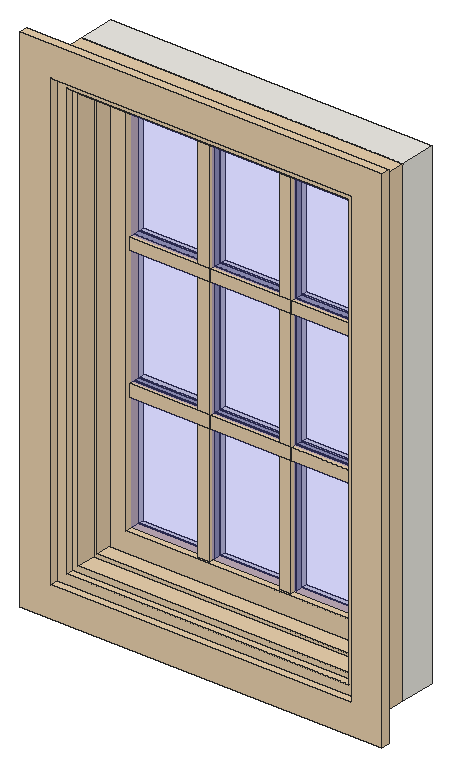
Revit family "Window-Picture-Andersen-A_Series 2", category Windows, host Wall, Revit 2013 (continued)
Dimensions and locks (in)
  aligned and locked: Extrusion 12 sketch curve to plane 73 "B Int Frame"
  aligned and locked: Extrusion 12 sketch curve to plane 6 "B Frame"
  aligned and locked: Extrusion 12 sketch curve to plane 4 "R Frame"
  aligned and locked: plane 7 "T Frame" to Extrusion 12 sketch curve
  aligned and locked: plane 5 "L Frame" to Extrusion 12 sketch curve
  aligned and locked: plane 54 "Sash1 S2" to Extrusion 12
  aligned and locked: plane 75 "R Int Frame" to Extrusion 13
  aligned and locked: Extrusion 13 to plane 74 "L Int Frame"
  aligned and locked: plane 73 "B Int Frame" to Extrusion 14
  aligned and locked: Extrusion 14 to plane 72 "T Int Frame"
  aligned and locked: plane 65 "Xjamb S1" to Extrusion 3
  aligned and locked: host wall to Extrusion 3
  aligned and locked: plane 76 "T Stop" to curve 38
  aligned and locked: plane 10 "L Stop" to curve 41
  aligned and locked: curve 39 to plane 20 "R Stop"
  aligned and locked: plane 72 "T Int Frame" to curve 48
  aligned and locked: curve 49 to plane 75 "R Int Frame"
  aligned and locked: plane 74 "L Int Frame" to curve 51
  aligned and locked: curve 50 to plane 73 "B Int Frame"
  aligned and locked: curve 32 to plane 70 "B Sash"
  aligned and locked: plane 68 "L Sash" to curve 31
  aligned and locked: plane 71 "T Sash" to curve 30
  aligned and locked: curve 33 to plane 67 "R Sash"
  aligned and locked: plane 4 "R Frame" to curve 52
  aligned and locked: Masking region 12 sketch curve to plane 33 "T Xjamb 2"
  aligned and locked: plane 65 "Xjamb S1" to Masking region 12 sketch curve
  aligned and locked: plane 41 "B Xjamb 2" to Masking region 12 sketch curve
  aligned and locked: host wall to Masking region 12 sketch curve
  aligned and locked: host wall to Masking region 13 sketch curve
  aligned and locked: Masking region 13 sketch curve to plane 44 "B Int Casing"
  aligned and locked: plane 58 "Interior Casing" to Masking region 13 sketch curve
  aligned and locked: plane 38 "T Int Casing" to Masking region 13 sketch curve
  aligned and locked: plane 65 "Xjamb S1" to curve 55
  aligned and locked: host wall to curve 55
  aligned and locked: plane 56 "B Xjamb 1" to curve 55
  aligned and locked: plane 58 "Interior Casing" to curve 56
  aligned and locked: plane 56 "B Xjamb 1" to curve 56
  aligned and locked: plane 65 "Xjamb S1" to curve 53
  aligned and locked: host wall to curve 53
  aligned and locked: plane 31 "T Xjamb 1" to curve 53
  aligned and locked: plane 58 "Interior Casing" to curve 54
  aligned and locked: plane 31 "T Xjamb 1" to curve 54
  aligned and locked: Masking region 14 sketch curve to plane 65 "Xjamb S1"
  aligned and locked: plane 13 "L Xjamb 2" to Masking region 14 sketch curve
  aligned and locked: Masking region 14 sketch curve to host wall
  aligned and locked: Masking region 14 sketch curve to plane 23 "R Xjamb 2"
  aligned and locked: host wall to Masking region 15 sketch curve
  aligned and locked: plane 45 "L Int Casing" to Masking region 15 sketch curve
  aligned and locked: plane 58 "Interior Casing" to Masking region 15 sketch curve
  aligned and locked: Masking region 15 sketch curve to plane 28 "R Int Casing"
  aligned and locked: plane 65 "Xjamb S1" to curve 59
  aligned and locked: host wall to curve 59
  aligned and locked: plane 11 "L Xjamb 1" to curve 59
  aligned and locked: plane 58 "Interior Casing" to curve 60
  aligned and locked: plane 11 "L Xjamb 1" to curve 60
  aligned and locked: plane 65 "Xjamb S1" to curve 57
  aligned and locked: host wall to curve 57
  aligned and locked: plane 21 "R Xjamb 1" to curve 57
  aligned and locked: plane 58 "Interior Casing" to curve 58
  aligned and locked: plane 21 "R Xjamb 1" to curve 58
  aligned and locked: Extrusion 15 to plane 74 "L Int Frame"
  aligned and locked: plane 75 "R Int Frame" to Extrusion 15
  aligned and locked: plane 6 "B Frame" to curve 47
  aligned and locked: plane 49 "Flange" to curve 47
  aligned and locked: plane 7 "T Frame" to curve 46
  aligned and locked: plane 49 "Flange" to curve 46
  aligned and locked: plane 25 "R Casing 2" to curve 5
  aligned and locked: plane 47 "Casing S2" to curve 4
  aligned and locked: plane 26 "R Casing 3" to curve 4
  aligned and locked: plane 46 "Casing S1" to curve 4
  aligned and locked: plane 15 "L Casing 2" to curve 2
  aligned and locked: plane 35 "T Casing 2" to curve 24
  aligned and locked: plane 36 "T Casing 3" to curve 23
  aligned and locked: plane 46 "Casing S1" to curve 23
  aligned and locked: Extrusion 5 sketch curve to plane 6 "B Frame"
  aligned and locked: Masking region 6 sketch curve to cut or joined group of Extrusion 5, Sweep 6
  aligned and locked: Extrusion 7 sketch curve to plane 6 "B Frame"
  aligned and locked: plane 46 "Casing S1" to curve 42
  aligned and locked: plane 46 "Casing S1" to curve 43
  aligned and locked: plane 55 "Frame S2" to curve 62
  aligned and locked: plane 55 "Frame S2" to curve 61
  aligned and locked: plane 5 "L Frame" to curve 62
  aligned and locked: plane 4 "R Frame" to curve 61
  aligned and locked: plane 49 "Flange" to curve 63
  aligned and locked: plane 37 "T Casing 4" to curve 63
  aligned and locked: plane 46 "Casing S1" to curve 64
  aligned and locked: plane 49 "Flange" to curve 64
  aligned and locked: plane 43 "B Casing 2" to curve 64
  aligned and locked: plane 49 "Flange" to curve 61
  aligned and locked: plane 49 "Flange" to curve 62
  aligned and locked: plane 49 "Flange" to curve 80
  aligned and locked: plane 4 "R Frame" to curve 80
  aligned and locked: curve 108 to plane 49 "Flange"
  aligned and locked: plane 5 "L Frame" to curve 108
  aligned and locked: plane 9 "L Ext Frame" to Extrusion 9 sketch curve
  aligned and locked: plane 30 "T Ext Frame" to Extrusion 9 sketch curve
  aligned and locked: plane 40 "B Ext Frame" to Extrusion 9 sketch curve
  aligned and locked: Extrusion 9 sketch curve to plane 19 "R Ext Frame"
  aligned and locked: plane 40 "B Ext Frame" to Extrusion 8 sketch curve
  aligned and locked: plane 19 "R Ext Frame" to Extrusion 8 sketch curve
  aligned and locked: Extrusion 8 sketch curve to plane 9 "L Ext Frame"
  aligned and locked: Extrusion 8 sketch curve to plane 30 "T Ext Frame"
  aligned and locked: Extrusion 14 sketch curve to plane 75 "R Int Frame"
  aligned and locked: Extrusion 14 sketch curve to plane 54 "Sash1 S2"
  aligned and locked: plane 54 "Sash1 S2" to Extrusion 14 sketch curve
  aligned and locked: Extrusion 14 sketch curve to plane 74 "L Int Frame"
  aligned and locked: plane 54 "Sash1 S2" to Extrusion 15 sketch curve
  aligned and locked: Extrusion 15 sketch curve to plane 72 "T Int Frame"
  aligned and locked: plane 54 "Sash1 S2" to Extrusion 13 sketch curve
  aligned and locked: plane 73 "B Int Frame" to Extrusion 13 sketch curve
  aligned and locked: plane 75 "R Int Frame" to curve 200
  aligned and locked: plane 69 "Stop S1" to curve 201
  aligned and locked: plane 20 "R Stop" to curve 201
  aligned and locked: curve 203 to plane 69 "Stop S1"
  aligned and locked: plane 74 "L Int Frame" to curve 202
  aligned and locked: plane 10 "L Stop" to curve 203
  aligned and locked: host wall to curve 52
  aligned and locked: plane 55 "Frame S2" to curve 200
  aligned and locked: plane 16 "L Casing 3" to curve 1
  aligned and locked: plane 46 "Casing S1" to curve 1
  aligned and locked: plane 66 "Sash1 S1" to curve 14
  aligned and locked: plane 10 "L Stop" to curve 17
  aligned and locked: plane 20 "R Stop" to curve 13
  aligned and locked: curve 40 to plane 77 "B Stop"
  aligned and locked: plane 55 "Frame S2" to curve 202
Automatic sketch dimensions
  curve 42 to curve 42 = 0' - 0 3/16"
  curve 13 to curve 13 = 0' - 1.2305"
  curve 170 to curve 168 = 0' - 0.3505"
  curve 168 to curve 168 = 0' - 0.1495"  (x2)
  curve 167 to curve 166 = 0' - 1.3275"
  curve 165 to curve 142 = 0' - 1.23031"
  curve 141 to curve 142 = 0' - 0.31218"
  curve 141 to curve 146 = 0' - 0.445"
  curve 143 to curve 145 = 0' - 0.765"
  curve 144 to curve 137 = 0' - 0.047"
  curve 141 to curve 139 = 0' - 1.592"
  curve 171 to curve 170 = 0' - 0.156"  (x2)
  curve 146 to curve 149 = 0' - 0.122"
  curve 147 to curve 144 = 0' - 0.122"
  curve 140 to curve 138 = 0' - 0.24331"
  curve 47 to curve 140 = 0' - 0"  (x2)
  curve 138 to curve 139 = 0' - 1.0695"
  curve 138 to curve 170 = 0' - 1.27815"
  curve 169 to curve 169 = 0' - 0.2755"
  curve 166 to curve 165 = 0' - 0.225"
  curve 165 to curve 146 = 0' - 0.9435"
  curve 146 to curve 142 = 0' - 0.194"
  curve 144 to curve 138 = 0' - 0.30059"
  curve 141 to curve 143 = 0' - 0.3"
  curve 137 to curve 137 = 0' - 0.19341"
  curve 47 to curve 138 = 0' - 2.37185"
  curve 140 to curve 47 = 0' - 0"
  curve 140 to curve 138 = 0' - 0.74685"
  curve 139 to curve 138 = 0' - 0.12185"
  curve 148 to curve 143 = 0' - 0.164"
  curve 150 to curve 143 = 0' - 0"
  curve 143 to curve 149 = 0' - 0"
  curve 147 to curve 144 = 0' - 0"
  curve 177 to curve 175 = 0' - 0.3505"
  curve 175 to curve 175 = 0' - 0.1495"  (x2)
  curve 174 to curve 173 = 0' - 1.3275"
  curve 172 to curve 156 = 0' - 1.23031"
  curve 155 to curve 156 = 0' - 0.31218"
  curve 155 to curve 160 = 0' - 0.445"
  curve 157 to curve 159 = 0' - 0.765"
  curve 158 to curve 151 = 0' - 0.047"
  curve 155 to curve 153 = 0' - 1.592"
  curve 178 to curve 177 = 0' - 0.156"  (x2)
  curve 160 to curve 163 = 0' - 0.122"
  curve 161 to curve 158 = 0' - 0.122"
  curve 154 to curve 152 = 0' - 0.24331"
  curve 65 to curve 154 = 0' - 0"  (x2)
  curve 152 to curve 153 = 0' - 1.0695"
  curve 152 to curve 177 = 0' - 1.27815"
  curve 176 to curve 176 = 0' - 0.2755"
  curve 173 to curve 172 = 0' - 0.225"
  curve 172 to curve 160 = 0' - 0.9435"
  curve 160 to curve 156 = 0' - 0.194"
  curve 158 to curve 152 = 0' - 0.30059"
  curve 155 to curve 157 = 0' - 0.3"
  curve 151 to curve 151 = 0' - 0.19341"
  curve 65 to curve 152 = 0' - 2.37185"
  curve 154 to curve 65 = 0' - 0"
  curve 154 to curve 152 = 0' - 0.74685"
  curve 153 to curve 152 = 0' - 0.12185"
  curve 162 to curve 157 = 0' - 0.164"
  curve 164 to curve 157 = 0' - 0"
  curve 157 to curve 163 = 0' - 0"
  curve 161 to curve 158 = 0' - 0"
  curve 70 to curve 69 = 0' - 0.335"
  curve 69 to curve 69 = 0' - 0.047"
  curve 68 to curve 74 = 0' - 0.765"
  curve 74 to curve 76 = 0' - 0.12649"
  curve 76 to curve 78 = 0' - 0.31851"
  curve 79 to curve 71 = 0' - 1.0695"
  curve 71 to curve 80 = 0' - 0.24331"
  curve 68 to curve 67 = 0' - 0.122"
  curve 73 to curve 74 = 0' - 0.122"
  curve 72 to curve 77 = 0' - 0.16349"
  curve 68 to curve 71 = 0' - 0.28859"
  curve 70 to curve 70 = 0' - 0.19341"
  curve 77 to curve 77 = 0' - 0.31851"
  curve 80 to curve 68 = 0' - 4.4565"
  curve 80 to curve 80 = 0' - 1 5/8"
  curve 80 to curve 79 = 0' - 0 5/8"
  curve 80 to curve 79 = 0' - 0.74685"
  curve 78 to curve 72 = 0' - 1.3995"
  curve 73 to curve 74 = 0' - 0.152"
  curve 75 to curve 74 = 0' - 0.001"
  curve 67 to curve 68 = 0' - 0.001"
  curve 181 to curve 181 = 0' - 0.269"
  curve 180 to curve 183 = 0' - 0.425"
  curve 183 to curve 185 = 0' - 0.225"
  curve 179 to curve 179 = 0' - 0.156"  (x2)
  curve 179 to curve 182 = 0' - 0.3505"
  curve 181 to curve 182 = 0' - 0.156"
  curve 182 to curve 184 = 0' - 1.321"
  curve 184 to curve 185 = 0' - 1.23031"
  curve 180 to curve 185 = 0' - 0"
  curve 84 to curve 83 = 0' - 0.335"
  curve 83 to curve 83 = 0' - 0.047"
  curve 82 to curve 88 = 0' - 0.765"
  curve 88 to curve 90 = 0' - 0.12649"
  curve 90 to curve 92 = 0' - 0.31851"
  curve 93 to curve 85 = 0' - 1.0695"
  curve 85 to curve 94 = 0' - 0.24331"
  curve 82 to curve 81 = 0' - 0.122"
  curve 87 to curve 88 = 0' - 0.122"
  curve 86 to curve 91 = 0' - 0.16349"
  curve 82 to curve 85 = 0' - 0.28859"
  curve 84 to curve 84 = 0' - 0.19341"
  curve 91 to curve 91 = 0' - 0.31851"
  curve 94 to curve 82 = 0' - 4.4565"
  curve 94 to curve 94 = 0' - 1 5/8"
  curve 94 to curve 93 = 0' - 0 5/8"
  curve 94 to curve 93 = 0' - 0.74685"
  curve 92 to curve 86 = 0' - 1.3995"
  curve 87 to curve 88 = 0' - 0.152"
  curve 89 to curve 88 = 0' - 0.001"
  curve 81 to curve 82 = 0' - 0.001"
  curve 188 to curve 188 = 0' - 0.269"
  curve 187 to curve 190 = 0' - 0.425"
  curve 190 to curve 192 = 0' - 0.225"
  curve 186 to curve 186 = 0' - 0.156"  (x2)
  curve 186 to curve 189 = 0' - 0.3505"
  curve 188 to curve 189 = 0' - 0.156"
  curve 189 to curve 191 = 0' - 1.321"
  curve 191 to curve 192 = 0' - 1.23031"
  curve 187 to curve 192 = 0' - 0"
  curve 97 to curve 98 = 0' - 0.335"
  curve 97 to curve 97 = 0' - 0.047"
  curve 102 to curve 96 = 0' - 0.765"
  curve 104 to curve 102 = 0' - 0.12649"
  curve 106 to curve 104 = 0' - 0.31851"
  curve 99 to curve 107 = 0' - 1.0695"
  curve 108 to curve 99 = 0' - 0.24331"
  curve 95 to curve 96 = 0' - 0.122"
  curve 102 to curve 101 = 0' - 0.122"
  curve 100 to curve 105 = 0' - 0.16349"
  curve 96 to curve 99 = 0' - 0.28859"
  curve 98 to curve 98 = 0' - 0.19341"
  curve 105 to curve 105 = 0' - 0.31851"
  curve 108 to curve 96 = 0' - 4.4565"
  curve 108 to curve 108 = 0' - 1 5/8"
  curve 108 to curve 107 = 0' - 0 5/8"
  curve 108 to curve 107 = 0' - 0.74685"
  curve 106 to curve 100 = 0' - 1.3995"
  curve 101 to curve 102 = 0' - 0.152"
  curve 103 to curve 102 = 0' - 0.001"
  curve 95 to curve 96 = 0' - 0.001"
  curve 195 to curve 195 = 0' - 0.269"
  curve 194 to curve 197 = 0' - 0.425"
  curve 197 to curve 199 = 0' - 0.225"
  curve 193 to curve 193 = 0' - 0.156"  (x2)
  curve 196 to curve 193 = 0' - 0.3505"
  curve 196 to curve 195 = 0' - 0.156"
  curve 198 to curve 196 = 0' - 1.321"
  curve 199 to curve 198 = 0' - 1.23031"
  curve 194 to curve 199 = 0' - 0"
  curve 63 to plane 46 "Casing S1" = 0' - 0"
  curve 205 to curve 205 = 0' - 0.156"
  curve 204 to curve 204 = 0' - 1.321"
  curve 208 to curve 122 = 0' - 1.23031"
  curve 121 to curve 120 = 0' - 0.31851"
  curve 120 to curve 120 = 0' - 0.12649"
  curve 118 to curve 113 = 0' - 0.765"
  curve 113 to curve 116 = 0' - 0.047"
  curve 110 to curve 109 = 0' - 1.592"
  curve 207 to curve 206 = 0' - 0.5065"
  curve 207 to curve 110 = 0' - 0.156"
  curve 119 to curve 115 = 0' - 0.122"
  curve 114 to curve 113 = 0' - 0.122"
  curve 46 to curve 109 = 0' - 0.24331"
  curve 109 to curve 109 = 0' - 1.0695"
  curve 119 to curve 113 = 0' - 0"
  curve 112 to curve 111 = 0' - 0.19341"
  curve 120 to curve 121 = 0' - 0.31851"
  curve 121 to curve 119 = 0' - 0.16349"
  curve 121 to curve 208 = 0' - 0.91299"
  curve 208 to curve 204 = 0' - 0.225"
  curve 204 to curve 206 = 0' - 0.156"
  curve 110 to curve 111 = 0' - 0.68515"
  curve 114 to curve 113 = 0' - 0"
  curve 119 to curve 117 = 0' - 0"
  curve 117 to curve 115 = 0' - 0.152"
  curve 205 to curve 206 = 0' - 0.269"
  curve 110 to curve 207 = 0' - 0.156"
  curve 109 to curve 109 = 0' - 0.12185"
  curve 109 to curve 46 = 0' - 0.74685"
  curve 46 to curve 46 = 0' - 1 5/8"
  curve 211 to curve 211 = 0' - 0.156"
  curve 210 to curve 210 = 0' - 1.321"
  curve 214 to curve 136 = 0' - 1.23031"
  curve 135 to curve 134 = 0' - 0.31851"
  curve 134 to curve 134 = 0' - 0.12649"
  curve 132 to curve 127 = 0' - 0.765"
  curve 127 to curve 130 = 0' - 0.047"
  curve 124 to curve 123 = 0' - 1.592"
  curve 213 to curve 212 = 0' - 0.5065"
  curve 213 to curve 124 = 0' - 0.156"
  curve 133 to curve 129 = 0' - 0.122"
  curve 128 to curve 127 = 0' - 0.122"
  curve 66 to curve 123 = 0' - 0.24331"
  curve 123 to curve 123 = 0' - 1.0695"
  curve 133 to curve 127 = 0' - 0"
  curve 126 to curve 125 = 0' - 0.19341"
  curve 134 to curve 135 = 0' - 0.31851"
  curve 135 to curve 133 = 0' - 0.16349"
  curve 135 to curve 214 = 0' - 0.91299"
  curve 214 to curve 210 = 0' - 0.225"
  curve 210 to curve 212 = 0' - 0.156"
  curve 124 to curve 125 = 0' - 0.68515"
  curve 128 to curve 127 = 0' - 0"
  curve 133 to curve 131 = 0' - 0"
  curve 131 to curve 129 = 0' - 0.152"
  curve 211 to curve 212 = 0' - 0.269"
  curve 124 to curve 213 = 0' - 0.156"
  curve 123 to curve 123 = 0' - 0.12185"
  curve 123 to curve 66 = 0' - 0.74685"
  curve 66 to curve 66 = 0' - 1 5/8"
  curve 13 to plane 54 "Sash1 S2" = 0' - 0"
  curve 6 to plane 22 "R Casing 1" = 0' - 0"
  curve 14 to plane 67 "R Sash" = 0' - 0"
  curve 14 to plane 48 "Frame S1" = 0' - 0"
  curve 6 to plane 48 "Frame S1" = 0' - 0"
  curve 43 to plane 48 "Frame S1" = 0' - 0"
  curve 42 to plane 4 "R Frame" = 0' - 0"
  curve 42 to plane 48 "Frame S1" = 0' - 0"
  host wall to curve 20 = 0' - 0"
  curve 44 to plane 54 "Sash1 S2" = 0' - 0"
  curve 45 to plane 54 "Sash1 S2" = 0' - 0"
  curve 52 to plane 5 "L Frame" = 0' - 0.02356"
Nested families (in)
  nested 1: "Andersen Grille Bar" at (0, 0.42381, 64.65039) x (-1, 0, 0) z (0, 1, 0), Center Line <- "Bar Center Line", Bar Length <- "TS V Bar Length", Bar Width <- "Grille Bar Size", visible <- "TS S V", type "Andersen Grille Bar"
    with Glass / 2 0' - 0 1/8", Glass 0' - 0 5/8", Center Line Length 2' - 4 147/256", Center Line 2, Bar Width 0' - 0 7/8", Bar Length 2' - 4 147/256"
  nested 2: "Andersen Grille Bar" at (0, 0.42381, 64.65039) x (0, 0, -1) z (0, 1, 0), Bar Length <- "H DLO", visible <- "TS S H", Bar Width <- "Horizontal Craftsman Bar Size", type "Andersen Grille Bar"
    with Glass / 2 0' - 0 1/8", Glass 0' - 0 5/8", Center Line Length 1' - 5 3/8", Center Line 2, Bar Width 0' - 0 7/8", Bar Length 1' - 5 3/8"
  nested 3: "Andersen Grille Bar" at (3.04167, 0.42381, 64.65039) x (-1, 0, 0) z (0, 1, 0), Center Line <- "Bar Center Line", Bar Length <- "TS V Bar Length", Bar Width <- "Grille Bar Size", visible <- "TS M V", type "Andersen Grille Bar"
    with Glass / 2 0' - 0 1/8", Glass 0' - 0 5/8", Center Line Length 2' - 4 147/256", Center Line 2, Bar Width 0' - 0 7/8", Bar Length 2' - 4 147/256"
  nested 4: "Andersen Grille Bar" at (0, 0.42381, 59.74219) x (0, 0, -1) z (0, 1, 0), Center Line <- "Bar Center Line", Bar Length <- "H DLO", visible <- "TS M H", Bar Width <- "Grille Bar Size", type "Andersen Grille Bar"
    with Glass / 2 0' - 0 1/8", Glass 0' - 0 5/8", Center Line Length 1' - 5 3/8", Center Line 2, Bar Width 0' - 0 7/8", Bar Length 1' - 5 3/8"
  nested 5: "Andersen Grille Bar" at (-3.04167, 0.42381, 64.65039) x (-1, 0, 0) z (0, 1, 0), Center Line <- "Bar Center Line", Bar Length <- "TS V Bar Length", Bar Width <- "Grille Bar Size", visible <- "TS M V", type "Andersen Grille Bar"
    with Glass / 2 0' - 0 1/8", Glass 0' - 0 5/8", Center Line Length 2' - 4 147/256", Center Line 2, Bar Width 0' - 0 7/8", Bar Length 2' - 4 147/256"
  nested 6: "Andersen Grille Bar" at (0, 0.42381, 69.55859) x (0, 0, -1) z (0, 1, 0), Center Line <- "Bar Center Line", Bar Length <- "H DLO", visible <- "TS M H", Bar Width <- "Grille Bar Size", type "Andersen Grille Bar"
    with Glass / 2 0' - 0 1/8", Glass 0' - 0 5/8", Center Line Length 1' - 5 3/8", Center Line 2, Bar Width 0' - 0 7/8", Bar Length 1' - 5 3/8"
  nested 7: "Andersen Grille Bar" at (0, 0.42381, 64.65039) x (0, 0, -1) z (0, 1, 0), Bar Length <- "H DLO", visible <- "TS S H Craftsman", Bar Width <- "Grille Bar Size", type "Andersen Grille Bar"
    with Glass / 2 0' - 0 1/8", Glass 0' - 0 5/8", Center Line Length 1' - 5 3/8", Center Line 2, Bar Width 0' - 0 7/8", Bar Length 1' - 5 3/8"
Definition of nested family "Andersen Grille Bar"
  Parameters (values of type "Andersen Grille Bar")
    Interior Bar Visibility = yes
    Interior Bar Material = none
    Glass / 2 [instance] = (Glass / 2) - 0' 0 3/16"  # 0' - 0 1/8"
    Glass [instance] = 0' - 0 5/8"
    Exterior Bar Visibility = yes
    Exterior Bar Finish = none
    Default Elevation = 4' - 0"
    Center Line Length [instance] = if(Center Line = 1, Bar Length + (Bar Width / 2), Bar Length)  # 0' - 4 7/16"
    Center Line [instance] = 1
    Between Glass Bar Visibility = yes
    Between Glass Bar Finish = none
    Bar Width [instance] = 0' - 0 7/8"
    Bar Length [instance] = 0' - 4"
  Reference planes (in)
    plane 1 "Center (Front/Back)": y = 0
    plane 2 "a": z = 0
    plane 3 "Center (Left/Right)": x = 0
    plane 4 "1": x = -0.4375
    plane 5 "2": x = 0.4375
    plane 6: y = 2
    plane 7: y = -2
    plane 8 "b": z = -0.625
    plane 9: z = -0.125
    plane 10: y = -2.4375
    plane 11 "a1": z = 12
    plane 12 "a2": z = -12
  Forms (in)
    Extrusion 1, solid
      sketch origin (0, 0, 0) x (1, 0, 0) y (0, 1, 0)
        loop
          line (-48, 48) -> (-48, -48) -> (48, -48) -> (48, 48) -> (-48, 48)
      from 0 to -12
    Extrusion 2, solid, material <- "Exterior Bar Finish", visible <- "Exterior Bar Visibility", detail levels fine
      sketch origin (0, 0, 0) x (1, 0, 0) y (0, 1, 0)
        loop
          line (-0.4375, 2) -> (-0.4375, -2) -> (0.4375, -2) -> (0.4375, 2) -> (-0.4375, 2)
      from 0 to 0.375
    Extrusion 3, solid, material <- "Between Glass Bar Finish", visible <- "Between Glass Bar Visibility", detail levels fine
      sketch origin (0, 0, 0) x (1, 0, 0) y (0, 1, 0)
        loop
          line (-0.4375, 2) -> (-0.4375, -2) -> (0.4375, -2) -> (0.4375, 2) -> (-0.4375, 2)
      from -0.5 to -0.125
    Extrusion 4, solid, material <- "Interior Bar Material", visible <- "Interior Bar Visibility", detail levels fine
      sketch origin (0, 0, 0) x (1, 0, 0) y (0, 1, 0)
        loop
          line (-0.4375, 2) -> (-0.4375, -2) -> (0.4375, -2) -> (0.4375, 2) -> (-0.4375, 2)
      from -1 to -0.625
  Lines and regions (in)
    model lines, style "GenericModel", detail levels coarse+medium
      curve 1: line (0, 2, 0) -> (0, -2.4375, 0)
    symbolic lines, style "GenericModel", detail levels coarse+medium
      curve 2: line (0, 2, 12) -> (0, -2.4375, 12)
      curve 3: line (0, 2, -12) -> (0, -2.4375, -12)
    model lines, style "InvisibleLines", not visible, detail levels coarse
      curve 4: line (0, 0, 12) -> (0, 0, -12)
    symbolic lines, detail levels fine
      curve 5: line (-0.4375, 2, 0) -> (-0.4375, -2, 0)
      curve 6: line (0.4375, 2, 0) -> (0.4375, -2, 0)
  Dimensions and locks (in)
    "Glass": plane 2 "a" to plane 8 "b"
    "Glass / 2": plane 2 "a" to plane 9
    locked: Extrusion 2 to Extrusion 2 at 0.375
    locked: plane 9 to Extrusion 3 at 0.375
    locked: plane 8 "b" to Extrusion 4 at 0.375
    equal spacing: plane 4 "1", plane 3 "Center (Left/Right)", plane 5 "2"
    equal spacing: plane 6, plane 1 "Center (Front/Back)", plane 7
    "Bar Width": plane 4 "1" to plane 5 "2"
    "Bar Length": plane 6 to plane 7
    "Center Line Length": plane 6 to plane 10
    locked: plane 11 "a1" to plane 2 "a" at 12
    locked: plane 2 "a" to plane 12 "a2" at 12
    aligned and locked: plane 2 "a" to Extrusion 1
    aligned and locked: level to Extrusion 1
    aligned and locked: Extrusion 2 to plane 2 "a"
    aligned and locked: Extrusion 2 to plane 4 "1"
    aligned and locked: plane 5 "2" to Extrusion 2
    aligned and locked: plane 6 to Extrusion 2
    aligned and locked: Extrusion 2 to plane 7
    aligned and locked: plane 9 to Extrusion 3
    aligned and locked: Extrusion 3 to plane 4 "1"
    aligned and locked: plane 5 "2" to Extrusion 3
    aligned and locked: plane 6 to Extrusion 3
    aligned and locked: Extrusion 3 to plane 7
    aligned and locked: plane 8 "b" to Extrusion 4
    aligned and locked: Extrusion 4 to plane 4 "1"
    aligned and locked: plane 5 "2" to Extrusion 4
    aligned and locked: plane 6 to Extrusion 4
    aligned and locked: Extrusion 4 to plane 7
    aligned and locked: plane 6 to curve 1
    aligned and locked: plane 10 to curve 1
    aligned and locked: curve 1 to plane 3 "Center (Left/Right)"
    aligned and locked: plane 6 to curve 2
    aligned and locked: plane 10 to curve 2
    aligned and locked: curve 2 to plane 3 "Center (Left/Right)"
    aligned and locked: plane 6 to curve 3
    aligned and locked: plane 10 to curve 3
    aligned and locked: curve 3 to plane 3 "Center (Left/Right)"
    aligned and locked: plane 11 "a1" to curve 4
    aligned and locked: plane 12 "a2" to curve 4
    aligned and locked: curve 4 to plane 1 "Center (Front/Back)"
    aligned and locked: plane 6 to curve 5
    aligned and locked: plane 6 to curve 6
    aligned and locked: plane 7 to curve 6
    aligned and locked: plane 7 to curve 5
    aligned and locked: curve 5 to plane 4 "1"
    aligned and locked: curve 6 to plane 5 "2"
  Automatic sketch dimensions
    Extrusion 1 sketch curve to Extrusion 1 sketch curve = 8' - 0"  (x2)
    plane 7 to Extrusion 2 sketch curve = 0' - 0"
    Extrusion 2 sketch curve to plane 5 "2" = 0' - 0 7/8"
    Extrusion 2 sketch curve to plane 6 = 0' - 0"
    Extrusion 2 sketch curve to Extrusion 2 sketch curve = 0' - 0 7/8"
    plane 7 to Extrusion 3 sketch curve = 0' - 0"
    Extrusion 3 sketch curve to plane 5 "2" = 0' - 0 7/8"
    Extrusion 3 sketch curve to plane 6 = 0' - 0"
    Extrusion 3 sketch curve to Extrusion 3 sketch curve = 0' - 0 7/8"
    Extrusion 4 sketch curve to plane 7 = 0' - 0"
    Extrusion 4 sketch curve to plane 5 "2" = 0' - 0 7/8"
    Extrusion 4 sketch curve to plane 6 = 0' - 0"
    Extrusion 4 sketch curve to Extrusion 4 sketch curve = 0' - 0 7/8"
Types (4): name | TFL | TFB | LWide | Fractional Lights Wide | Fractional Lights High | . . Lights Wide | . . Lights High | VGB DLO | V Bars | TS V DLO | TS V Bar Length | TS SH DLO | TS S V | TS S H | TS M V | TS M H | TS HGB DLO | TS H Bars | Rough Width | Rough Height | Masonry Width | Masonry Height | Height | H DLO | Designation | Default Sill Height | Width
  71-1/4" x 95-1/4" | 3 | 2 | 3 | 7 | 7 | 3 | 3 | 0' - 5.20833" | 2 | 2' - 4 147/256" | 2' - 4 147/256" | 1' - 5.59961" | no | no | yes | yes | 0' - 8 241/256" | 2 | 2' - 0 3/4" | 3' - 0 3/4" | 2' - 0 3/4" | 3' - 0 3/4" | 3' - 0" | 1' - 5 3/8" | "APW6080" | 3' - 9 3/4" | 2' - 0"
  39-1/4" x 71-1/4" | 3 | 2 | 4 | 4 | 6 | 4 | 6 | 0' - 7 1/2" | 3 | 5' - 3 211/256" | 5' - 3 211/256" | 2' - 11.22461" | no | no | yes | yes | 0' - 9.9082" | 5 | 3' - 4" | 6' - 0" | 3' - 4" | 6' - 0" | 5' - 11 1/4" | 2' - 8 5/8" | "APW3460" | 0' - 10 1/2" | 3' - 3 1/4"
  31-1/4" x 23-1/4" | 1 | 0 | 3 | 3 | 2 | 3 | 2 | 0' - 7 5/8" | 2 | 1' - 3 211/256" | 1' - 3 211/256" | 0' - 11.22461" | no | yes | yes | no | 0' - 4" | 2 | 2' - 8" | 2' - 0" | 2' - 8" | 2' - 0" | 1' - 11 1/4" | 2' - 0 5/8" | "APW2820" | 4' - 10 1/2" | 2' - 7 1/4"
  15-1/4" x 23-1/4" | 1 | 0 | 2 | 2 | 2 | 2 | 2 | 0' - 2.29167" | 2 | 1' - 3 211/256" | 1' - 3 211/256" | 0' - 11.22461" | yes | yes | no | no | 0' - 4" | 2 | 1' - 4" | 2' - 0" | 1' - 4" | 2' - 0" | 1' - 11 1/4" | 0' - 8 5/8" | "APW1420" | 4' - 10 1/2" | 1' - 3 1/4"
